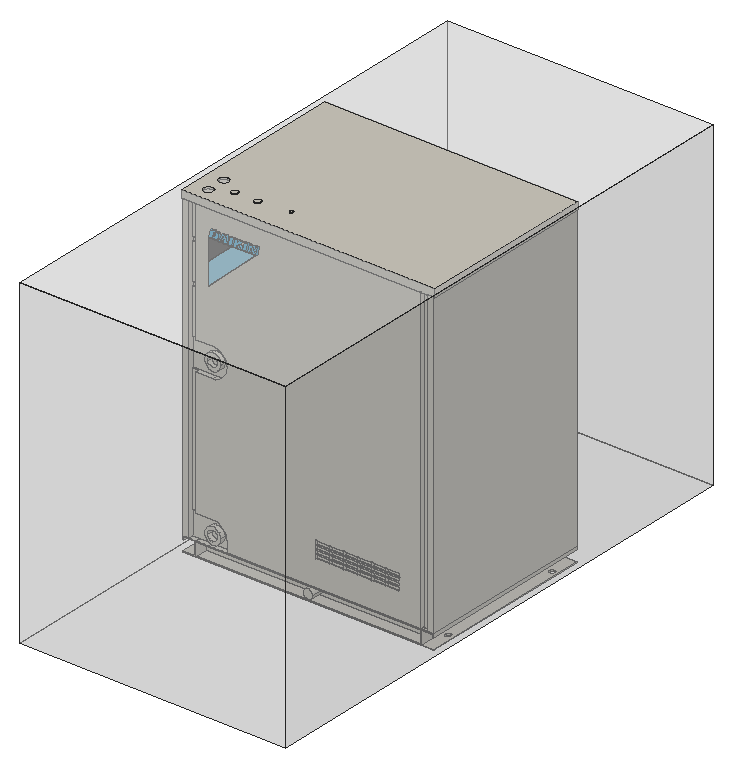
Revit family "outputfile", category 機械設備, Revit 2024
Family settings
  丸型コネクタ寸法 = 半径を使用
  種別 = なし
  パーツ タイプ = 標準
  OmniClass 番号 = 23.75.10.24.21.27.27
  OmniClass タイトル = Split System Air Conditioning Units
  作業面ベース = いいえ
  常に垂直 = はい
  ロード時にボイドで切り取り = いいえ
  注釈の向きを維持 = いいえ
  共有 = いいえ
  部屋計算ポイント = いいえ
Parameters (values of type "RWEYQ8TY1S")
  製造元 = "Daikin"
  書き出し IFC クラス(タイプ) = "IfcUnitaryEquipmentType"
  定義済み IFC タイプ(タイプ) = "AIRCONDITIONINGUNIT"
  モデル = "RWEYQ8TY1S"
  switch_unit1_6-8 = yes
  switch_unit1_12 = no
  switch_unit1_10 = no
  r_Water Outlet Pipe Connection_unit = Water Outlet Pipe Connection_Unit1 / 2  # 15.9 mm
  r_Water Inlet Pipe Connection_unit = Water Inlet Pipe Connection_Unit1 / 2  # 15.9 mm
  r_Drain Pipe Size = Drain Pipe Size / 2  # 6.35 mm
  lw_Water Outlet = 95.0 mm
  lw_Water Inlet = 95.0 mm
  lw_Drain = 390.0 mm
  angle_Drain [instance] = if(Rear Connection_Drain, 180.00°, 0.00°)  # 0.00°
  r_HP/LP Gas Pipe Size [instance] = [HP/LP Gas Pipe Size_Unit 1] / 2  # 9.55 mm
  lw_HP/LP Gas Pipe [instance] = if(Heat Pump, 178.0 mm, 107.0 mm)  # 178.0 mm
  ld_HP/LP Gas Pipe = 69.0 mm
  h_mountinghole = [h_***] + 2.3 mm  # 2.3 mm
  r_Liquid Pipe Size = Liquid Pipe Size_Unit 1 / 2  # 4.75 mm
  r_Gas Pipe Size = Gas Pipe Size_Unit 1 / 2  # 9.55 mm
  Water Outlet Pipe Connection_Unit1 = 31.8 mm
  Water Inlet Pipe Connection_Unit1 = 31.8 mm
  Voltage_comment_50Hz = "380-415"
  Voltage_50Hz = 400 V
  Top Connection_powersupply2 [instance] = not(Top Connection_powersupply1)  # no
  Sound Power Level (dB) = 70
  Rear Connection_Drain [instance] = not(Front Connection_Drain)  # no
  Power Input (Heating) = 3.980 kW
  Phase_50Hz = 3
  Nominal Heating Capacity = 25.000 kW
  Minimum Circuit Amps_50Hz = 13.6 A
  Maximum Fuse Amps_50Hz = 15.0 A
  Material_Heat Exchanger = DAIKIN_Blue_HE_outdoorunit
  Material_Casing = DAIKIN_IvoryWhite_Casing_outdoorunit
  lw_powersupply = 51.0 mm
  lw_liquidpipe = 274.0 mm
  lw_gaspipe [instance] = if(Heat Pump, 107.0 mm, 178.0 mm)  # 107.0 mm
  lh_powersupply = 940.0 mm
  ld_powersupply [instance] = if(Top Connection_powersupply1, 38.0 mm, 98.0 mm)  # 38.0 mm
  ld_liquidpipe = 79.0 mm
  ld_gaspipe = 69.0 mm
  h_*** = 0.0 mm
  Width = 780.0 mm
  Version = "ver.1.0"
  Unit Type = ""
  Unit Mass Weight = 146.00 kg
  Unit Designation [instance] = ""
  Uniclass2015Version = "Products v1.30"
  Uniclass2015Title = "Variable refrigerant flow units"
  Uniclass2015Code = "Pr_70_65_03_94"
  Total Cooling Capacity [instance] = 0.000 kW
  Sound Pressure Level (dBA) = 50
  Series = "VRV Heat Recovery"
  Refrigerant_Base Charge = 3.500 kg
  Refrigerant_Additional Charge [instance] = 0.000 kg
  Refrigerant Type = "R410A"
  Power Input (Cooling) = 3.860 kW
  Option Accessory 3 [instance] = ""
  Option Accessory 2 [instance] = ""
  Option Accessory 1 [instance] = ""
  Nominal Cooling Capacity = 22.400 kW
  Load Classification = HVAC
  Liquid Pipe Size_Unit 1 = 9.5 mm
  Link_Nested Family [instance] = ""
  IfcVersion = ""
  IfcExportType = "AIRCONDITIONINGUNIT"
  IfcExportAs = "IfcUnitaryEquipmentType"
  Height = 1000.0 mm
  Heat Recovery [instance] = not(Heat Pump)  # no
  Heat Pump [instance] = yes
  Heat Exchanger Type = "Stainless Steel Plate"
  HP/LP Gas Pipe Size_Unit 1 [instance] = if(and(Heat Pump, [switch_unit1_6-8]), 19.1 mm, if(and(Heat Pump, switch_unit1_10), 22.2 mm, if(and(Heat Pump, switch_unit1_12), 22.2 mm, if(and(Heat Recovery, [switch_unit1_6-8]), 15.9 mm, if(and(Heat Recovery, switch_unit1_10), 19.1 mm, if(and(Heat Recovery, switch_unit1_12), 19.1 mm, 19.1 mm))))))  # 19.1 mm
  Gas Pipe Size_Unit 1 = 19.1 mm
  Top Connection_powersupply1 [instance] = yes
  Front Connection_Drain [instance] = yes
  Frequency_50Hz = 50 Hz
  Drain Pipe Size = 12.7 mm
  Depth = 550.0 mm
  既定の高さ = 0.0 mm
  Cooling Ambient Wet Bulb Temperature [instance] = 0.00 °C
  Cooling Ambient Dry Bulb Temperature [instance] = 0.00 °C
  Compressor Type = "Hermetically Sealed Scroll Type"
  Clearance visibility [instance] = yes
  Clearance Top = 0.0 mm
  Clearance Right = 20.0 mm
  Clearance Rear = 500.0 mm
  Clearance Left = 20.0 mm
  Clearance Front = 600.0 mm
  Clearance Bottom = 0.0 mm
  CU Tag No. [instance] = ""
Reference planes
  plane 1 "Center (Front/Back)": y = 0
  plane 2 "h_***": z = 0
  plane 3 "Center (Left/Right)": x = 0
  plane 4 "Back": y = 275
  plane 5 "Front": y = -275
  plane 6 "Left": x = -390
  plane 7 "Right": x = 390
  plane 8 "Top": z = 1000
  plane 9 "Clearance Rear": y = 775
  plane 10 "Clearance Front": y = -875
  plane 11 "Clearance Left": x = -410
  plane 12 "Clearance Right": x = 410
  plane 13 "Clearance Top": z = 1000
  plane 14 "Clearance Bottom": z = 0
  plane 15 "Bottom": z = 0
  plane 16 "lw_powersupply": x = -339
  plane 17 "ld_powersupply": y = -237
  plane 18 "lw_liquidpipe": x = -116
  plane 19 "Rear Connection_refrigetant": y = -196
  plane 20 "lw_gaspipe": x = -283
  plane 21 "ld_gaspipe": y = -206
  plane 22 "lh_logo": z = 900
  plane 23 "lw_logo": x = 100
  plane 24 "lh_powersupply": z = 940
  plane 25 "lw_HP/LP Gas Pipe": x = -212
  plane 26 "ld_HP/LP Gas Pipe": y = -206
  plane 27 "lw_Water Inlet": x = -295
  plane 28 "lw_Water Outlet": x = -295
  plane 29 "lw_Drain": x = 0
Dimensions and locks
  equal spacing: plane 4 "Back", plane 1 "Center (Front/Back)", plane 5 "Front"
  "Depth": plane 4 "Back" to plane 5 "Front"
  equal spacing: plane 6 "Left", plane 3 "Center (Left/Right)", plane 7 "Right"
  "Width": plane 6 "Left" to plane 7 "Right"
  "Clearance Rear": plane 9 "Clearance Rear" to plane 4 "Back"
  "Clearance Front": plane 10 "Clearance Front" to plane 5 "Front"
  "Clearance Left": plane 11 "Clearance Left" to plane 6 "Left"
  "Clearance Right": plane 7 "Right" to plane 12 "Clearance Right"
  "Clearance Top": plane 13 "Clearance Top" to plane 8 "Top"
  "h_***": plane 15 "Bottom" to plane 2 "h_***"
  "Height": plane 8 "Top" to plane 15 "Bottom"
  "Clearance Bottom": plane 15 "Bottom" to plane 14 "Clearance Bottom"
  "ld_powersupply": plane 17 "ld_powersupply" to plane 5 "Front"
  "ld_liquidpipe": plane 19 "Rear Connection_refrigetant" to plane 5 "Front"
  "ld_gaspipe": plane 21 "ld_gaspipe" to plane 5 "Front"
  locked: plane 23 "lw_logo" to plane 7 "Right" at 290
  locked: plane 22 "lh_logo" to plane 15 "Bottom" at 900
  "lw_gaspipe": plane 6 "Left" to plane 20 "lw_gaspipe"
  "lw_liquidpipe": plane 6 "Left" to plane 18 "lw_liquidpipe"
  "lw_powersupply": plane 6 "Left" to plane 16 "lw_powersupply"
  "lh_powersupply": plane 24 "lh_powersupply" to plane 15 "Bottom"
  "lw_HP/LP Gas Pipe": plane 6 "Left" to plane 25 "lw_HP/LP Gas Pipe"
  "ld_HP/LP Gas Pipe": plane 26 "ld_HP/LP Gas Pipe" to plane 5 "Front"
  "lw_Water Inlet": plane 6 "Left" to plane 27 "lw_Water Inlet"
  "lw_Water Outlet": plane 6 "Left" to plane 28 "lw_Water Outlet"
  "lw_Drain": plane 6 "Left" to plane 29 "lw_Drain"
  aligned and locked: level to plane 2 "h_***"
  aligned and locked: plane 9 "Clearance Rear" to nested 2
  aligned and locked: nested 2 to plane 10 "Clearance Front"
  aligned and locked: plane 11 "Clearance Left" to nested 2
  aligned and locked: plane 12 "Clearance Right" to nested 2
  aligned and locked: plane 13 "Clearance Top" to nested 2
  aligned and locked: plane 14 "Clearance Bottom" to nested 2
  aligned and locked: plane 8 "Top" to nested 1
  aligned and locked: plane 22 "lh_logo" to nested 7
  aligned and locked: nested 8 to plane 16 "lw_powersupply"
  aligned and locked: nested 9 to plane 20 "lw_gaspipe"
  aligned and locked: nested 10 to plane 18 "lw_liquidpipe"
  aligned and locked: nested 10 to plane 19 "Rear Connection_refrigetant"
  aligned and locked: nested 9 to plane 21 "ld_gaspipe"
  aligned and locked: nested 8 to plane 17 "ld_powersupply"
  aligned and locked: plane 5 "Front" to nested 7
  aligned and locked: plane 24 "lh_powersupply" to nested 8
  aligned and locked: plane 1 "Center (Front/Back)" to nested 11
  aligned and locked: plane 1 "Center (Front/Back)" to nested 12
  aligned and locked: plane 1 "Center (Front/Back)" to nested 13
  aligned and locked: plane 27 "lw_Water Inlet" to nested 11
  aligned and locked: plane 28 "lw_Water Outlet" to nested 12
  aligned and locked: plane 29 "lw_Drain" to nested 13
  aligned and locked: plane 25 "lw_HP/LP Gas Pipe" to nested 14
  aligned and locked: nested 14 to plane 26 "ld_HP/LP Gas Pipe"
Nested families
  nested 1: "DAIKIN_outdoorunit_RWEYQ-TY1S" at (-31, 0, 0), h_*** <- "h_***", Link_Nest <- "Link_Nested Family", h_mountinghole <- "h_mountinghole", Width <- "Width", type "RWEYQ-TY1S"
    with show_fixedhole yes, h_mountinghole 2.3 mm, h_antenna_mountinghole 998.7 mm, h_*** 0.0 mm, array_bolt 5, Width 780.0 mm, Link_Nest "", Heat Recovery no, Heat Pump yes, HP/LP Pipe Size_Unit 1_L 178.0 mm, HP/LP Pipe Size_Unit 1 19.1 mm, Gas Pipe Size_Unit 1_L 107.0 mm
  nested 2: "daikin_clearancespace" at (0, -50, 500.119), visible <- "Clearance visibility", show <- "Clearance visibility", Link_Nested Family <- "Link_Nested Family", type "daikin_clearancespace"
    with width 820.0 mm, show yes, height 1000.0 mm, depth 1650.0 mm, Link_Nested Family ""
  nested 3: "daikin_mountinghole" at (-372, 200, 0), type "daikin_mountinghole"
    with show yes, l_antenna 998.7 mm, h_mountinghole 2.3 mm, Link_Nested Family ""
  nested 4: "daikin_mountinghole" at (372, 200, 0), type "daikin_mountinghole"
    with show yes, l_antenna 998.7 mm, h_mountinghole 2.3 mm, Link_Nested Family ""
  nested 5: "daikin_mountinghole" at (-372, -200, 0), type "daikin_mountinghole"
    with show yes, l_antenna 998.7 mm, h_mountinghole 2.3 mm, Link_Nested Family ""
  nested 6: "daikin_mountinghole" at (372, -200, 0), type "daikin_mountinghole"
    with show yes, l_antenna 998.7 mm, h_mountinghole 2.3 mm, Link_Nested Family ""
  nested 7: "daikin_logo_elevation_w150" at (-212.5, -275, 744.568), type "daikin_logo_elevation_w150"
    with show_logo yes
  nested 8: "daikin_connector_rotate3" at (-339, -237, 940) x (-1, 0, 0) z (0, 0, -1), type "daikin_connector_rotate3"
    with show no, radius 10.0 mm, length 60.0 mm, angle_vertical 0.00°, angle_horizontal 0.00°
  nested 9: "daikin_connector_rotate3" at (-283, -206, 940) x (-1, 0, 0) z (0, 0, -1), radius <- "r_Gas Pipe Size", type "daikin_connector_rotate3"
    with show no, radius 9.55 mm, length 60.0 mm, angle_vertical 0.00°, angle_horizontal 0.00°
  nested 10: "daikin_connector_rotate3" at (-116, -196, 940) x (-1, 0, 0) z (0, 0, -1), radius <- "r_Liquid Pipe Size", type "daikin_connector_rotate3"
    with show no, radius 4.75 mm, length 60.0 mm, angle_vertical 0.00°, angle_horizontal 0.00°
  nested 11: "daikin_connector_rotate3" at (-295, 0, 76), radius <- "r_Water Inlet Pipe Connection_unit", type "daikin_connector_rotate3"
    with show no, radius 15.9 mm, length 275.0 mm, angle_vertical 90.00°, angle_horizontal 0.00°
  nested 12: "daikin_connector_rotate3" at (-295, 0, 556), radius <- "r_Water Outlet Pipe Connection_unit", type "daikin_connector_rotate3"
    with show no, radius 15.9 mm, length 275.0 mm, angle_vertical 90.00°, angle_horizontal 0.00°
  nested 13: "daikin_connector_rotate3" at (0, 0, 19), angle_horizontal <- "angle_Drain", radius <- "r_Drain Pipe Size", type "daikin_connector_rotate3"
    with show no, radius 6.35 mm, length 275.0 mm, angle_vertical 90.00°, angle_horizontal 0.00°
  nested 14: "daikin_connector_rotate3" at (-212, -206, 940) x (1, 0, 0) z (0, 0, -1), radius <- "r_HP/LP Gas Pipe Size", type "daikin_connector_rotate3"
    with show no, radius 9.55 mm, length 60.0 mm, angle_vertical 0.00°, angle_horizontal 0.00°
Connectors
  piping at (-116, -196, 1000), diameter 9.5, driven by "r_Liquid Pipe Size"
    settings: on nested 10, index 12, connector inside diameter 609.6 mm, connector length 0.0 mm, flow factor 0, pipe flow 0.00 m³/h, pressure drop 0.0 Pa, fitting loss kfactor 0, connector angle 0.00°, fixture units 0, engagement length 0.0 mm, angle of deflection 0.00°, flow configuration 0, flow direction 2, fitting loss method 0, system type 29, joint type 0, gender type 0, connector reference index -1, connector utility 0, adjustable connector no, is connector primary no, connector description "Refrigerant Liquid Piping"
  electrical at (-339, -237, 1000), driven by "Load Classification"
    settings: on nested 8, index 13, voltage 0 V, apparent load 0 VA, apparent load phase1 0 VA, apparent load phase2 0 VA, apparent load phase3 0 VA, power factor 1, load classification "HVAC", number of poles 1, system type 30, power factor state 1, is connector primary yes, connector utility no, sub classification motor no, connector description "Power Supply"
  piping at (-295, -275, 556), diameter 31.8, driven by "r_Water Outlet Pipe Connection_unit"
    settings: on nested 12, index 15, connector inside diameter 609.6 mm, connector length 0.0 mm, flow factor 0, pipe flow 0.00 m³/h, pressure drop 0.0 Pa, fitting loss kfactor 0, connector angle 0.00°, fixture units 0, engagement length 0.0 mm, angle of deflection 0.00°, flow configuration 1, flow direction 2, fitting loss method 0, system type 8, joint type 0, gender type 0, connector reference index -1, connector utility 0, adjustable connector no, is connector primary no, connector description "Cooling Water Outlet Piping"
  piping at (-295, -275, 76), diameter 31.8, driven by "r_Water Inlet Pipe Connection_unit"
    settings: on nested 11, index 16, connector inside diameter 609.6 mm, connector length 0.0 mm, flow factor 0, pipe flow 0.00 m³/h, pressure drop 0.0 Pa, fitting loss kfactor 0, connector angle 0.00°, fixture units 0, engagement length 0.0 mm, angle of deflection 0.00°, flow configuration 1, flow direction 1, fitting loss method 0, system type 7, joint type 0, gender type 0, connector reference index -1, connector utility 0, adjustable connector no, is connector primary no, connector description "Cooling Water Inlet  Piping"
  piping at (0, -275, 19), diameter 12.7, driven by "r_Drain Pipe Size"
    settings: on nested 13, index 17, connector inside diameter 609.6 mm, connector length 0.0 mm, flow factor 0, pipe flow 0.00 m³/h, pressure drop 0.0 Pa, fitting loss kfactor 0, connector angle 0.00°, fixture units 0, engagement length 0.0 mm, angle of deflection 0.00°, flow configuration 1, flow direction 2, fitting loss method 4, system type 16, joint type 0, gender type 0, connector reference index -1, connector utility 0, adjustable connector no, is connector primary no, connector description "Condensate Drain Piping"
  piping at (-212, -206, 1000), diameter 19.1, driven by "r_HP/LP Gas Pipe Size"
    settings: on nested 14, index 19, connector inside diameter 609.6 mm, connector length 0.0 mm, flow factor 0, pipe flow 0.00 m³/h, pressure drop 0.0 Pa, fitting loss kfactor 0, connector angle 0.00°, fixture units 0, engagement length 0.0 mm, angle of deflection 0.00°, flow configuration 0, flow direction 0, fitting loss method 0, system type 29, joint type 0, gender type 0, connector reference index -1, connector utility 0, adjustable connector no, is connector primary no, connector description "Refrigerant HP/LP Gas Piping"
  piping at (-283, -206, 1000), diameter 19.1, driven by "r_Gas Pipe Size"
    settings: on nested 9, index 20, connector inside diameter 609.6 mm, connector length 0.0 mm, flow factor 0, pipe flow 0.00 m³/h, pressure drop 0.0 Pa, fitting loss kfactor 0, connector angle 0.00°, fixture units 0, engagement length 0.0 mm, angle of deflection 0.00°, flow configuration 0, flow direction 1, fitting loss method 0, system type 29, joint type 0, gender type 0, connector reference index -1, connector utility 0, adjustable connector no, is connector primary yes, connector description "Refrigerant Gas Piping"
Definition of nested family "DAIKIN_outdoorunit_RWEYQ-TY1S"
  Parameters (values of type "RWEYQ-TY1S")
    w_wiremesh_right = 668.0 mm  # constant formula
    w_wiremesh_left = 590.0 mm  # constant formula
    w_wiremesh_front = 248.0 mm  # constant formula
    switch_unit1_6-8 = yes
    switch_unit1_12 = no
    switch_unit1_10 = no
    show_fixedhole [instance] = yes
    material_heatexchanger = none
    material_casing = none
    ld_hole1_bottom = 154.0 mm  # constant formula
    h_wiremesh = 900.0 mm  # constant formula
    h_mountinghole [instance] = 2.3 mm
    h_antenna_mountinghole [instance] = Height + 1.0 mm - 2.3 mm  # 998.7 mm
    h_*** [instance] = 0.0 mm
    array_bolt [instance] = 5
    Width [instance] = 780.0 mm
    Liquid Pipe Size_Unit 1 = if([switch_unit1_6-8], 9.5 mm, if(switch_unit1_10, 9.5 mm, if(switch_unit1_12, 12.7 mm, 9.5 mm)))  # 9.5 mm
    Link_Nest [instance] = ""
    Height = 1000.0 mm
    Heat Recovery = not(Heat Pump)  # yes
    Heat Pump = no
    HP/LP Pipe Size_Unit 1_L = if(Heat Pump, 178.0 mm, 107.0 mm)  # 107.0 mm
    HP/LP Pipe Size_Unit 1 = if(Heat Recovery, if([switch_unit1_6-8], 15.9 mm, if(switch_unit1_10, 19.1 mm, if(switch_unit1_12, 19.1 mm, 15.9 mm))), if([switch_unit1_6-8], 19.1 mm, if(switch_unit1_10, 22.2 mm, if(switch_unit1_12, 22.2 mm, 19.1 mm))))  # 15.9 mm
    Gas Pipe Size_Unit 1_L = if(Heat Pump, 107.0 mm, 178.0 mm)  # 178.0 mm
    Gas Pipe Size_Unit 1_H = 60.0 mm  # constant formula
    Gas Pipe Size_Unit 1 = if([switch_unit1_6-8], 19.1 mm, if(switch_unit1_10, 22.2 mm, if(switch_unit1_12, 22.2 mm, 19.1 mm)))  # 19.1 mm
    Depth = 550.0 mm
    Default Elevation = 0.0 mm
  Reference planes
    plane 1 "Center (Front/Back)": y = 0
    plane 2 "reference_level": z = 0
    plane 3 "Center (Left/Right)": x = 31
    plane 4 "Bottom": z = 0
    plane 5: x = 421
    plane 6: x = -359
    plane 7 "Back": y = 275
    plane 8 "Front": y = -275
    plane 9: z = 1000
    plane 10: z = 976
    plane 11: y = -255
    plane 12: y = 255
    plane 13: x = -337
    plane 14: x = 399
    plane 15: x = -341
    plane 16: z = 45
    plane 17: x = 403
    plane 18: y = 200
    plane 19: y = -200
    plane 20: z = 1060
    plane 21: z = 19
    plane 22: z = 1000
    plane 23: z = 940
  Forms (mm)
    Extrusion 1, solid, material <- "material_heatexchanger"
      sketch origin (0, 0, 0) x (1, 0, 0) y (0, 1, 0)
        loop
          line (-337, 255) -> (-337, -255) -> (399, -255) -> (399, 255) -> (-337, 255)
      from 54 to 976
    Extrusion 2, void
      sketch origin (0, 350, 0) x (1, 0, 0) y (0, 1, 0)
        loop
          circle (-341, -150) r 8.5
        loop
          circle (403, -150) r 8.5
        loop
          circle (403, -550) r 8.5
        loop
          circle (-341, -550) r 8.5
      from 0 to 29.064
    Extrusion 3, solid, material <- "material_casing"
      sketch origin (620, -305, 0) x (-1, 0, 0) y (0, 0, 1)
        loop
          line (204.3, 35.061) -> (204.3, 42.7) -> (239.7, 42.7) -> (239.7, 2.3) -> (201, 2.3) -> (201, 0) -> (242, 0) -> (242, 45) -> (201, 45) -> (201, 35.061) -> (204.3, 35.061)
        loop
          line (973.7, 35.061) -> (977, 35.061) -> (977, 45) -> (936, 45) -> (936, 0) -> (977, 0) -> (977, 2.3) -> (938.3, 2.3) -> (938.3, 42.7) -> (973.7, 42.7) -> (973.7, 35.061)
      from 30 to 580
    Extrusion 4, solid, material <- "material_casing"
      sketch origin (31, 0, 0) x (0, 1, 0) y (0, 0, 1)
        loop
          line (-275, 45) -> (-275, 42.7) -> (-236.3, 42.7) -> (-236.3, 2.3) -> (-275, 2.3) -> (-275, 0) -> (-234, 0) -> (-234, 45) -> (-275, 45)
        loop
          line (275, 45) -> (234, 45) -> (234, 0) -> (275, 0) -> (275, 2.3) -> (236.3, 2.3) -> (236.3, 42.7) -> (275, 42.7) -> (275, 45)
      from -347 to 347
    Extrusion 5, solid, material <- "material_casing"
      sketch origin (0, 0, 0) x (1, 0, 0) y (0, 1, 0)
        loop
          circle (-85, -196) r 4.75
        loop
          circle (-252, -206) r 7.95
      from 940 to 1000
    Extrusion 6, solid, material <- "material_casing"
      sketch origin (-663.497, -190, 1200) x (-1, 0, 0) y (0, 0, 1)
        loop
          circle (-694.497, -1181) r 14
      from -85 to -46.3
    Extrusion 7, solid, material <- "material_casing"
      sketch origin (-663.497, 321.3, 1200) x (-1, 0, 0) y (0, 0, 1)
        loop
          circle (-694.497, -1181) r 14
      from -85 to -46.3
    Extrusion 8, solid, material <- "material_casing"
      sketch origin (0, -500, 0) x (1, 0, 0) y (0, 1, 0)
        loop
          circle (-181, 294) r 9.55
      from 940 to 1000
  Cuts and joins
    Extrusion 2 cuts Extrusion 3
  Dimensions and locks
    equal spacing: plane 6, plane 3 "Center (Left/Right)", plane 5
    "Width": plane 6 to plane 5
    locked: plane 9 to plane 10 at 24
    "Depth": plane 8 "Front" to plane 7 "Back"
    equal spacing: plane 7 "Back", plane 1 "Center (Front/Back)", plane 8 "Front"
    locked: plane 12 to plane 7 "Back" at 20
    locked: plane 11 to plane 8 "Front" at 20
    locked: plane 6 to plane 13 at 22
    locked: plane 14 to plane 5 at 22
    locked: plane 6 to plane 15 at 18
    "h_***": plane 4 "Bottom" to plane 2 "reference_level"
    locked: plane 16 to plane 4 "Bottom" at 45
    "Height": plane 9 to plane 4 "Bottom"
    locked: plane 5 to Extrusion 3 sketch curve at 2  (x2)
    locked: Extrusion 3 sketch curve to Extrusion 3 sketch curve at 41  (x2)
    locked: Extrusion 3 sketch curve to Extrusion 3 sketch curve at 3.3  (x2)
    locked: Extrusion 3 sketch curve to plane 6 at 2  (x2)
    locked: plane 8 "Front" to Extrusion 4 sketch curve at 41
    locked: Extrusion 4 sketch curve to plane 7 "Back" at 41
    locked: plane 17 to plane 5 at 18
    plane 19 to plane 8 "Front" = 75.0 mm
    locked: plane 18 to plane 7 "Back" at 75
    locked: Extrusion 5 sketch curve to plane 8 "Front" at 79
    locked: plane 6 to Extrusion 5 sketch curve at 274
    "HP/LP Pipe Size_Unit 1_L": plane 6 to Extrusion 5 sketch curve
    locked: Extrusion 5 sketch curve to plane 8 "Front" at 69
    locked: plane 20 to plane 9 at 60
    locked: plane 21 to plane 4 "Bottom" at 19
    locked: Extrusion 8 sketch curve to plane 8 "Front" at 69
    "Gas Pipe Size_Unit 1_L": plane 6 to Extrusion 8 sketch curve
    locked: plane 22 to plane 23 at 60
    "Gas Pipe Size_Unit 1_H": plane 20 to plane 22
    "HP/LP Pipe Size_Unit 1": diameter of Extrusion 5 sketch curve
    "Liquid Pipe Size_Unit 1": diameter of Extrusion 5 sketch curve
    "Gas Pipe Size_Unit 1": diameter of Extrusion 8 sketch curve
    aligned and locked: level to plane 2 "reference_level"
    aligned and locked: plane 12 to Extrusion 1 sketch curve
    aligned and locked: plane 11 to Extrusion 1 sketch curve
    aligned and locked: plane 13 to Extrusion 1 sketch curve
    aligned and locked: plane 14 to Extrusion 1 sketch curve
    aligned and locked: plane 10 to Extrusion 1
    aligned and locked: plane 11 to nested 1
    aligned and locked: plane 10 to nested 4
    aligned and locked: nested 5 to plane 9
    aligned and locked: plane 10 to nested 3
    aligned and locked: plane 10 to nested 2
    aligned and locked: plane 13 to nested 4
    aligned and locked: plane 14 to nested 2
    aligned and locked: plane 12 to nested 3
    aligned and locked: plane 15 to nested 7
    aligned and locked: plane 15 to nested 9
    aligned and locked: plane 8 "Front" to nested 5
    aligned and locked: plane 6 to nested 5
    aligned and locked: plane 10 to nested 1
    aligned and locked: plane 13 to nested 1
    aligned and locked: nested 2 to plane 1 "Center (Front/Back)"
    aligned and locked: nested 3 to plane 3 "Center (Left/Right)"
    aligned and locked: plane 1 "Center (Front/Back)" to nested 4
    aligned and locked: nested 6 to plane 3 "Center (Left/Right)"
    aligned and locked: plane 1 "Center (Front/Back)" to nested 6
    aligned and locked: plane 16 to Extrusion 3 sketch curve
    aligned and locked: Extrusion 3 sketch curve to plane 4 "Bottom"
    aligned and locked: Extrusion 3 sketch curve to plane 16
    aligned and locked: plane 4 "Bottom" to Extrusion 3 sketch curve
    aligned and locked: Extrusion 3 to plane 7 "Back"
    aligned and locked: Extrusion 3 to plane 8 "Front"
    aligned and locked: plane 8 "Front" to Extrusion 4 sketch curve  (x2)
    aligned and locked: plane 4 "Bottom" to Extrusion 4 sketch curve
    aligned and locked: Extrusion 4 sketch curve to plane 16
    aligned and locked: Extrusion 4 sketch curve to plane 7 "Back"  (x2)
    aligned and locked: plane 18 to Extrusion 2 sketch curve  (x2)
    aligned and locked: plane 15 to Extrusion 2 sketch curve  (x2)
    aligned and locked: plane 17 to Extrusion 2 sketch curve  (x2)
    aligned and locked: plane 17 to nested 8
    aligned and locked: plane 18 to nested 8
    aligned and locked: plane 18 to nested 7
    aligned and locked: nested 7 to plane 15
    aligned and locked: nested 9 to plane 19
    aligned and locked: nested 9 to plane 15
    aligned and locked: nested 10 to plane 19
    aligned and locked: plane 17 to nested 10
    aligned and locked: plane 19 to Extrusion 2 sketch curve  (x2)
    aligned and locked: plane 3 "Center (Left/Right)" to Extrusion 6 sketch curve
    aligned and locked: plane 21 to Extrusion 6 sketch curve
    aligned and locked: plane 22 to Extrusion 8
    aligned and locked: Extrusion 8 to plane 23
    aligned and locked: Extrusion 5 to plane 23
    aligned and locked: Extrusion 5 to plane 22
  Automatic sketch dimensions
    Extrusion 3 sketch curve to Extrusion 3 sketch curve = 2.3 mm  (x2)
    level to Extrusion 3 sketch curve = 2.3 mm  (x2)
    Extrusion 3 sketch curve to plane 16 = 9.939 mm  (x2)
    Extrusion 3 sketch curve to plane 16 = 2.3 mm  (x2)
    Extrusion 4 sketch curve to level = 0.0 mm
    Extrusion 4 sketch curve to plane 16 = 0.0 mm
    Extrusion 4 sketch curve to Extrusion 4 sketch curve = 2.3 mm  (x2)
    level to Extrusion 4 sketch curve = 2.3 mm  (x2)
    Extrusion 4 sketch curve to plane 16 = 2.3 mm  (x2)
    Extrusion 7 sketch curve to plane 3 "Center (Left/Right)" = 0.0 mm
    Extrusion 7 sketch curve to plane 21 = 0.0 mm
    radius of Extrusion 2 sketch curve = 8.5 mm  (x4)
    radius of Extrusion 6 sketch curve = 14.0 mm
    radius of Extrusion 7 sketch curve = 14.0 mm
  Nested families
    nested 1: "outdoorunit_frontpanel" at (-337, -265, 45), material <- "material_casing", type "frontpanel1"
      with material none
    nested 2: "outdoorunit_rightpanel1" at (409, -275, 45) x (0, 1, 0) z (0, 0, 1), material <- "material_casing", type "frontpanel1"
      with material none
    nested 3: "outdoorunit_backpanel" at (399, 265, 45) x (-1, 0, 0) z (0, 0, 1), material <- "material_casing", type "frontpanel1"
      with material none
    nested 4: "outdoorunit_leftpanel" at (-347, 275, 45) x (0, -1, 0) z (0, 0, 1), material <- "material_casing", type "frontpanel1"
      with material none
    nested 5: "outdoorunit_uppanel" at (-359, -275, 988) x (1, 0, 0) z (0, 1, 0), material <- "material_casing", type "frontpanel1"
      with material none
    nested 6: "outdoorunit_downpanel" at (399, 255, 56) x (-1, 0, 0) z (0, -1, 0), material <- "material_casing", type "frontpanel1"
      with material none
    nested 7: "daikin_mountinghole" at (-341, 200, 0), visible <- "show_fixedhole", Link_Nested Family <- "Link_Nest", l_antenna <- "h_antenna_mountinghole", h_mountinghole <- "h_mountinghole", type "daikin_mountinghole"
      with show yes, l_antenna 998.7 mm, h_mountinghole 2.3 mm, Link_Nested Family ""
    nested 8: "daikin_mountinghole" at (403, 200, 0), visible <- "show_fixedhole", Link_Nested Family <- "Link_Nest", l_antenna <- "h_antenna_mountinghole", h_mountinghole <- "h_mountinghole", type "daikin_mountinghole"
      with show yes, l_antenna 998.7 mm, h_mountinghole 2.3 mm, Link_Nested Family ""
    nested 9: "daikin_mountinghole" at (-341, -200, 0), visible <- "show_fixedhole", Link_Nested Family <- "Link_Nest", l_antenna <- "h_antenna_mountinghole", h_mountinghole <- "h_mountinghole", type "daikin_mountinghole"
      with show yes, l_antenna 998.7 mm, h_mountinghole 2.3 mm, Link_Nested Family ""
    nested 10: "daikin_mountinghole" at (403, -200, 0), visible <- "show_fixedhole", Link_Nested Family <- "Link_Nest", l_antenna <- "h_antenna_mountinghole", h_mountinghole <- "h_mountinghole", type "daikin_mountinghole"
      with show yes, l_antenna 998.7 mm, h_mountinghole 2.3 mm, Link_Nested Family ""
  Definition of nested family "outdoorunit_frontpanel"
    Parameters (values of type "frontpanel1")
      width = 736.0 mm
      material [instance] = none
      height1 = 931.0 mm
      depth = 20.0 mm
      Default Elevation = 0.0 mm
    Reference planes
      plane 1 "Center (Front/Back)": y = 0
      plane 2 "Bottom": z = 0
      plane 3: x = 0
      plane 4 "Back": y = 10
      plane 5 "Front": y = -10
      plane 6: x = 736
      plane 7 "Top": z = 931
      plane 8 "Left": x = 0
      plane 9 "Center L/S": y = 5
      plane 10 "Center L/T": y = -5
    Forms (mm)
      Extrusion 1, solid, material <- "material"
        sketch origin (0, 0, 0) x (1, 0, 0) y (0, 1, 0)
          loop
            line (0, 10) -> (0, -10) -> (736, -10) -> (736, 10) -> (0, 10)
        from 0 to 931
      Extrusion 2, void
        sketch origin (0, 0, 0) x (1, 0, 0) y (0, 0, 1)
          loop
            line (0, 931) -> (0, 0) -> (21, 0) -> (21, 931) -> (0, 931)
          loop
            line (736, 931) -> (715, 931) -> (715, 0) -> (736, 0) -> (736, 931)
        from 0 to 250
      Extrusion 3, void
        sketch origin (0, 0, 0) x (1, 0, 0) y (0, 0, 1)
          loop
            line (2, 931) -> (-33, 931) -> (-33, -14) -> (118, -14) -> (118, 31)
            arc (118, 31) -> (104.82, 62.82) -> (73, 76) r 45
            line (73, 76) -> (2, 76) -> (2, 466) -> (73, 466)
            arc (73, 466) -> (118, 511) -> (73, 556) r 45
            line (73, 556) -> (2, 556) -> (2, 692) -> (10.5, 692)
            arc (10.5, 692) -> (18, 699.5) -> (10.5, 707) r 7.5
            line (10.5, 707) -> (2, 707) -> (2, 817) -> (10.5, 817)
            arc (10.5, 817) -> (18, 824.5) -> (10.5, 832) r 7.5
            line (10.5, 832) -> (2, 832) -> (2, 931)
        from -5 to 250
      Extrusion 4, void
        sketch origin (0, 0, 0) x (1, 0, 0) y (0, 0, 1)
          loop
            line (734, 931) -> (734, 0) -> (972.161, 0) -> (972.161, 931) -> (734, 931)
        from -5 to 250
      Extrusion 5, solid, material <- "material"
        sketch origin (0, 0, 0) x (1, 0, 0) y (0, 0, 1)
          loop
            circle (73, 511) r 25
          loop
            circle (73, 511) r 15.5
          loop
            circle (73, 31) r 25
          loop
            circle (73, 31) r 15.5
        from -5 to 10
      Extrusion 6, void
        sketch origin (0, 0, 0) x (1, 0, 0) y (0, 0, 1)
          loop
            line (390.8, 131) -> (390.8, 118.75) -> (433.5, 118.75) -> (433.5, 131) -> (390.8, 131)
          loop
            line (390.8, 80) -> (433.5, 80) -> (433.5, 92.25) -> (390.8, 92.25) -> (390.8, 80)
          loop
            line (390.8, 117.75) -> (390.8, 106) -> (433.5, 106) -> (433.5, 117.75) -> (390.8, 117.75)
          loop
            line (390.8, 105) -> (390.8, 93.25) -> (433.5, 93.25) -> (433.5, 105) -> (390.8, 105)
          loop
            line (476.7, 131) -> (434.5, 131) -> (434.5, 118.75) -> (476.7, 118.75) -> (476.7, 131)
          loop
            line (434.5, 80) -> (476.7, 80) -> (476.7, 92.25) -> (434.5, 92.25) -> (434.5, 80)
          loop
            line (434.5, 117.75) -> (434.5, 106) -> (476.7, 106) -> (476.7, 117.75) -> (434.5, 117.75)
          loop
            line (434.5, 105) -> (434.5, 93.25) -> (476.7, 93.25) -> (476.7, 105) -> (434.5, 105)
          loop
            line (519.9, 131) -> (477.7, 131) -> (477.7, 118.75) -> (519.9, 118.75) -> (519.9, 131)
          loop
            line (477.7, 80) -> (519.9, 80) -> (519.9, 92.25) -> (477.7, 92.25) -> (477.7, 80)
          loop
            line (477.7, 117.75) -> (477.7, 106) -> (519.9, 106) -> (519.9, 117.75) -> (477.7, 117.75)
          loop
            line (477.7, 105) -> (477.7, 93.25) -> (519.9, 93.25) -> (519.9, 105) -> (477.7, 105)
          loop
            line (563.1, 131) -> (520.9, 131) -> (520.9, 118.75) -> (563.1, 118.75) -> (563.1, 131)
          loop
            line (520.9, 80) -> (563.1, 80) -> (563.1, 92.25) -> (520.9, 92.25) -> (520.9, 80)
          loop
            line (520.9, 117.75) -> (520.9, 106) -> (563.1, 106) -> (563.1, 117.75) -> (520.9, 117.75)
          loop
            line (520.9, 105) -> (520.9, 93.25) -> (563.1, 93.25) -> (563.1, 105) -> (520.9, 105)
          loop
            line (606.3, 131) -> (564.1, 131) -> (564.1, 118.75) -> (606.3, 118.75) -> (606.3, 131)
          loop
            line (564.1, 80) -> (606.3, 80) -> (606.3, 92.25) -> (564.1, 92.25) -> (564.1, 80)
          loop
            line (564.1, 117.75) -> (564.1, 106) -> (606.3, 106) -> (606.3, 117.75) -> (564.1, 117.75)
          loop
            line (564.1, 105) -> (564.1, 93.25) -> (606.3, 93.25) -> (606.3, 105) -> (564.1, 105)
          loop
            line (650, 131) -> (607.3, 131) -> (607.3, 118.75) -> (650, 118.75) -> (650, 131)
          loop
            line (607.3, 80) -> (650, 80) -> (650, 92.25) -> (607.3, 92.25) -> (607.3, 80)
          loop
            line (607.3, 117.75) -> (607.3, 106) -> (650, 106) -> (650, 117.75) -> (607.3, 117.75)
          loop
            line (607.3, 105) -> (607.3, 93.25) -> (650, 93.25) -> (650, 105) -> (607.3, 105)
        from 5 to 250
    Cuts and joins
      Extrusion 2, Extrusion 3, Extrusion 4, Extrusion 6 cuts Extrusion 1
    Dimensions and locks
      equal spacing: plane 4 "Back", plane 1 "Center (Front/Back)", plane 5 "Front"
      "depth": plane 4 "Back" to plane 5 "Front"
      "width": plane 8 "Left" to plane 6
      "height1": plane 7 "Top" to plane 2 "Bottom"
      locked: plane 8 "Left" to Extrusion 2 sketch curve at 21
      locked: Extrusion 2 sketch curve to plane 6 at 21
      locked: plane 9 "Center L/S" to plane 1 "Center (Front/Back)" at 5
      locked: Extrusion 3 sketch curve to Extrusion 3 sketch curve at 15  (x2)
      locked: plane 7 "Top" to Extrusion 3 sketch curve at 99
      locked: Extrusion 3 sketch curve to plane 8 "Left" at 10.5
      locked: Extrusion 3 sketch curve to Extrusion 3 sketch curve at 125
      locked: Extrusion 3 sketch curve to Extrusion 3 sketch curve at 90  (x2)
      locked: Extrusion 3 sketch curve to plane 8 "Left" at 73
      locked: Extrusion 3 sketch curve to Extrusion 3 sketch curve at 136
      locked: Extrusion 3 sketch curve to plane 2 "Bottom" at 76
      locked: Extrusion 3 sketch curve to Extrusion 3 sketch curve at 390
      locked: plane 6 to Extrusion 4 sketch curve at 2
      locked: plane 10 "Center L/T" to plane 1 "Center (Front/Back)" at 5
      aligned and locked: level to plane 2 "Bottom"
      aligned and locked: plane 8 "Left" to Extrusion 1 sketch curve
      aligned and locked: Extrusion 1 sketch curve to plane 4 "Back"
      aligned and locked: plane 5 "Front" to Extrusion 1 sketch curve
      aligned and locked: Extrusion 1 to plane 2 "Bottom"
      aligned and locked: plane 7 "Top" to Extrusion 1
      aligned and locked: plane 3 to plane 8 "Left"
      aligned and locked: plane 8 "Left" to Extrusion 2 sketch curve
      aligned and locked: Extrusion 2 sketch curve to plane 7 "Top"
      aligned and locked: plane 2 "Bottom" to Extrusion 2 sketch curve
      aligned and locked: Extrusion 2 sketch curve to plane 2 "Bottom"
      aligned and locked: plane 6 to Extrusion 2 sketch curve
      aligned and locked: plane 7 "Top" to Extrusion 2 sketch curve
      aligned and locked: Extrusion 2 to plane 1 "Center (Front/Back)"
      aligned and locked: plane 9 "Center L/S" to Extrusion 3
      aligned and locked: Extrusion 4 sketch curve to plane 7 "Top"
      aligned and locked: plane 2 "Bottom" to Extrusion 4 sketch curve
      aligned and locked: Extrusion 4 to plane 9 "Center L/S"
      aligned and locked: Extrusion 5 to plane 5 "Front"
      aligned and locked: plane 9 "Center L/S" to Extrusion 5
      aligned and locked: Extrusion 6 to plane 10 "Center L/T"
    Automatic sketch dimensions
      Extrusion 1 sketch curve to plane 6 = 0.0 mm
      Extrusion 3 sketch curve to plane 7 "Top" = 0.0 mm
      plane 3 to Extrusion 3 sketch curve = 2.0 mm  (x4)
      plane 3 to Extrusion 3 sketch curve = 10.5 mm
      Extrusion 3 sketch curve to Extrusion 3 sketch curve = 71.0 mm
      level to Extrusion 3 sketch curve = 31.0 mm
      Extrusion 3 sketch curve to plane 3 = 33.0 mm
      plane 6 to Extrusion 4 sketch curve = 236.161 mm
      Extrusion 5 sketch curve to Extrusion 5 sketch curve = 0.0 mm  (x4)
      plane 3 to Extrusion 5 sketch curve = 73.0 mm  (x2)
      level to Extrusion 5 sketch curve = 31.0 mm
      Extrusion 5 sketch curve to plane 7 "Top" = 420.0 mm
      level to Extrusion 6 sketch curve = 131.0 mm
      Extrusion 6 sketch curve to plane 6 = 345.2 mm
      Extrusion 6 sketch curve to Extrusion 6 sketch curve = 0.0 mm  (x40)
      Extrusion 6 sketch curve to Extrusion 6 sketch curve = 42.7 mm  (x2)
      Extrusion 6 sketch curve to Extrusion 6 sketch curve = 1.0 mm  (x32)
      Extrusion 6 sketch curve to Extrusion 6 sketch curve = 42.2 mm  (x4)
      Extrusion 6 sketch curve to Extrusion 6 sketch curve = 12.25 mm  (x7)
      Extrusion 6 sketch curve to Extrusion 6 sketch curve = 11.75 mm  (x9)
      radius of Extrusion 5 sketch curve = 25.0 mm  (x2)
      radius of Extrusion 5 sketch curve = 15.5 mm  (x2)
  Definition of nested family "outdoorunit_rightpanel1"
    Parameters (values of type "frontpanel1")
      width = 550.0 mm
      material [instance] = none
      height1 = 931.0 mm
      depth = 20.0 mm
      Default Elevation = 0.0 mm
    Reference planes
      plane 1 "Center (Front/Back)": y = 0
      plane 2 "Bottom": z = 0
      plane 3: x = 0
      plane 4 "Back": y = 10
      plane 5 "Front": y = -10
      plane 6: x = 550
      plane 7 "Top": z = 931
      plane 8 "Left": x = 0
      plane 9: y = -8.75
      plane 10: z = 639
      plane 11: y = -5.75
      plane 12: y = -2.551
      plane 13: y = -13
      plane 14: x = 275
    Forms (mm)
      Extrusion 1, solid, material <- "material"
        sketch origin (0, 0, 0) x (1, 0, 0) y (0, 1, 0)
          loop
            line (0, 10) -> (0, -10) -> (550, -10) -> (550, 10) -> (0, 10)
        from 0 to 931
    Dimensions and locks
      equal spacing: plane 4 "Back", plane 1 "Center (Front/Back)", plane 5 "Front"
      "depth": plane 4 "Back" to plane 5 "Front"
      "width": plane 8 "Left" to plane 6
      "height1": plane 7 "Top" to plane 2 "Bottom"
      locked: plane 10 to plane 2 "Bottom" at 639
      locked: plane 12 to plane 11 at 3.199
      plane 5 "Front" to plane 13 = 3.0 mm
      equal spacing: plane 8 "Left", plane 14, plane 6
      aligned and locked: level to plane 2 "Bottom"
      aligned and locked: plane 8 "Left" to Extrusion 1 sketch curve
      aligned and locked: Extrusion 1 sketch curve to plane 4 "Back"
      aligned and locked: plane 5 "Front" to Extrusion 1 sketch curve
      aligned and locked: Extrusion 1 to plane 2 "Bottom"
      aligned and locked: plane 7 "Top" to Extrusion 1
      aligned and locked: plane 3 to plane 8 "Left"
    Automatic sketch dimensions
      Extrusion 1 sketch curve to plane 6 = 0.0 mm
  Definition of nested family "outdoorunit_backpanel"
    Parameters (values of type "frontpanel1")
      width = 736.0 mm
      material [instance] = none
      height1 = 931.0 mm
      depth = 20.0 mm
      Default Elevation = 0.0 mm
    Reference planes
      plane 1 "Center (Front/Back)": y = 0
      plane 2 "Bottom": z = 0
      plane 3: x = 0
      plane 4 "Back": y = 10
      plane 5 "Front": y = -10
      plane 6: x = 736
      plane 7 "Top": z = 931
      plane 8 "Left": x = 0
      plane 9: z = 639
      plane 10: x = 368
    Forms (mm)
      Extrusion 1, solid, material <- "material"
        sketch origin (0, 0, 0) x (1, 0, 0) y (0, 1, 0)
          loop
            line (0, 10) -> (0, -10) -> (736, -10) -> (736, 10) -> (0, 10)
        from 0 to 931
      Extrusion 2, void
        sketch origin (0, 0, 0) x (1, 0, 0) y (0, 1, 0)
          loop
            line (0, -4) -> (0, -10) -> (21, -10) -> (21, -7) -> (2, -7) -> (2, -4) -> (0, -4)
          loop
            line (736, -4) -> (734, -4) -> (734, -7) -> (715, -7) -> (715, -10) -> (736, -10) -> (736, -4)
        from 0 to 931
    Cuts and joins
      Extrusion 2 cuts Extrusion 1
    Dimensions and locks
      equal spacing: plane 4 "Back", plane 1 "Center (Front/Back)", plane 5 "Front"
      "depth": plane 4 "Back" to plane 5 "Front"
      "width": plane 8 "Left" to plane 6
      "height1": plane 7 "Top" to plane 2 "Bottom"
      locked: plane 9 to plane 2 "Bottom" at 639
      equal spacing: plane 8 "Left", plane 10, plane 6
      aligned and locked: level to plane 2 "Bottom"
      aligned and locked: plane 8 "Left" to Extrusion 1 sketch curve
      aligned and locked: Extrusion 1 sketch curve to plane 4 "Back"
      aligned and locked: plane 5 "Front" to Extrusion 1 sketch curve
      aligned and locked: Extrusion 1 to plane 2 "Bottom"
      aligned and locked: plane 7 "Top" to Extrusion 1
      aligned and locked: plane 3 to plane 8 "Left"
    Automatic sketch dimensions
      Extrusion 1 sketch curve to plane 6 = 0.0 mm
      Extrusion 2 sketch curve to plane 3 = 0.0 mm
      Extrusion 2 sketch curve to plane 5 "Front" = 0.0 mm  (x2)
      Extrusion 2 sketch curve to plane 6 = 0.0 mm
      plane 3 to Extrusion 2 sketch curve = 2.0 mm
      Extrusion 2 sketch curve to Extrusion 2 sketch curve = 19.0 mm
      Extrusion 2 sketch curve to Extrusion 2 sketch curve = 21.0 mm
      Extrusion 2 sketch curve to plane 6 = 2.0 mm
      Extrusion 2 sketch curve to Extrusion 2 sketch curve = 3.0 mm  (x4)
  Definition of nested family "outdoorunit_leftpanel"
    Parameters (values of type "frontpanel1")
      width = 550.0 mm
      material [instance] = none
      height1 = 931.0 mm
      depth = 20.0 mm
      Default Elevation = 0.0 mm
    Reference planes
      plane 1 "Center (Front/Back)": y = 0
      plane 2 "Bottom": z = 0
      plane 3: x = 0
      plane 4 "Back": y = 10
      plane 5 "Front": y = -10
      plane 6: x = 550
      plane 7 "Top": z = 931
      plane 8 "Left": x = 0
      plane 9: y = -8.75
      plane 10: z = 639
      plane 11: y = -5.75
      plane 12: y = -2.551
      plane 13: y = -13
      plane 14: x = 275
    Forms (mm)
      Extrusion 1, solid, material <- "material"
        sketch origin (0, 0, 0) x (1, 0, 0) y (0, 1, 0)
          loop
            line (0, 10) -> (0, -10) -> (550, -10) -> (550, 10) -> (0, 10)
        from 0 to 931
    Dimensions and locks
      equal spacing: plane 4 "Back", plane 1 "Center (Front/Back)", plane 5 "Front"
      "depth": plane 4 "Back" to plane 5 "Front"
      "width": plane 8 "Left" to plane 6
      "height1": plane 7 "Top" to plane 2 "Bottom"
      locked: plane 10 to plane 2 "Bottom" at 639
      locked: plane 12 to plane 11 at 3.199
      plane 5 "Front" to plane 13 = 3.0 mm
      equal spacing: plane 8 "Left", plane 14, plane 6
      aligned and locked: level to plane 2 "Bottom"
      aligned and locked: plane 8 "Left" to Extrusion 1 sketch curve
      aligned and locked: Extrusion 1 sketch curve to plane 4 "Back"
      aligned and locked: plane 5 "Front" to Extrusion 1 sketch curve
      aligned and locked: Extrusion 1 to plane 2 "Bottom"
      aligned and locked: plane 7 "Top" to Extrusion 1
      aligned and locked: plane 3 to plane 8 "Left"
    Automatic sketch dimensions
      Extrusion 1 sketch curve to plane 6 = 0.0 mm
  Definition of nested family "outdoorunit_uppanel"
    Parameters (values of type "frontpanel1")
      width = 780.0 mm
      material [instance] = none
      height1 = 550.0 mm
      depth = 24.0 mm
      Default Elevation = 0.0 mm
    Reference planes
      plane 1 "Center (Front/Back)": y = 0
      plane 2 "Bottom": z = 0
      plane 3: x = 0
      plane 4 "Back": y = 12
      plane 5 "Front": y = -12
      plane 6: x = 780
      plane 7 "Top": z = 550
      plane 8 "Left": x = 0
      plane 9: y = -8.75
      plane 10: z = 639
      plane 11: y = -5.75
      plane 12: y = -2.551
    Forms (mm)
      Extrusion 1, solid, material <- "material"
        sketch origin (0, 0, 0) x (1, 0, 0) y (0, 1, 0)
          loop
            line (0, 12) -> (0, -12) -> (780, -12) -> (780, 12) -> (0, 12)
        from 0 to 550
      Extrusion 2, void
        sketch origin (0, 0, 0) x (1, 0, 0) y (0, 0, 1)
          loop
            circle (51, 38) r 14.5
          loop
            circle (51, 98) r 14.5
        from 9 to 12
    Cuts and joins
      Extrusion 2 cuts Extrusion 1
    Dimensions and locks
      equal spacing: plane 4 "Back", plane 1 "Center (Front/Back)", plane 5 "Front"
      "depth": plane 4 "Back" to plane 5 "Front"
      "width": plane 8 "Left" to plane 6
      "height1": plane 7 "Top" to plane 2 "Bottom"
      locked: plane 10 to plane 2 "Bottom" at 639
      locked: Extrusion 2 sketch curve to plane 8 "Left" at 51  (x2)
      locked: Extrusion 2 sketch curve to level at 38
      locked: Extrusion 2 sketch curve to Extrusion 2 sketch curve at 60
      aligned and locked: level to plane 2 "Bottom"
      aligned and locked: plane 8 "Left" to Extrusion 1 sketch curve
      aligned and locked: Extrusion 1 sketch curve to plane 4 "Back"
      aligned and locked: Extrusion 1 sketch curve to plane 5 "Front"
      aligned and locked: Extrusion 1 to plane 2 "Bottom"
      aligned and locked: plane 7 "Top" to Extrusion 1
      aligned and locked: plane 3 to plane 8 "Left"
    Automatic sketch dimensions
      Extrusion 1 sketch curve to plane 6 = 0.0 mm
      radius of Extrusion 2 sketch curve = 14.5 mm  (x2)
  Definition of nested family "outdoorunit_downpanel"
    Parameters (values of type "frontpanel1")
      width = 736.0 mm
      material [instance] = none
      height1 = 510.0 mm
      depth = 20.0 mm
      Default Elevation = 0.0 mm
    Reference planes
      plane 1 "Center (Front/Back)": y = 0
      plane 2 "Bottom": z = 0
      plane 3: x = 0
      plane 4 "Back": y = 10
      plane 5 "Front": y = -10
      plane 6: x = 736
      plane 7 "Top": z = 510
      plane 8 "Left": x = 0
      plane 9: z = 255
      plane 10: y = -18
      plane 11: y = 6
      plane 12: y = 8
      plane 13: x = 368
    Forms (mm)
      Extrusion 1, solid, material <- "material"
        sketch origin (0, 0, 0) x (1, 0, 0) y (0, 1, 0)
          loop
            line (0, 10) -> (0, -10) -> (736, -10) -> (736, 10) -> (0, 10)
        from 0 to 510
    Dimensions and locks
      equal spacing: plane 4 "Back", plane 1 "Center (Front/Back)", plane 5 "Front"
      "depth": plane 4 "Back" to plane 5 "Front"
      "width": plane 8 "Left" to plane 6
      "height1": plane 7 "Top" to plane 2 "Bottom"
      plane 4 "Back" to plane 11 = 4.0 mm
      plane 4 "Back" to plane 12 = 2.0 mm
      equal spacing: plane 8 "Left", plane 13, plane 6
      equal spacing: plane 7 "Top", plane 9, plane 2 "Bottom"
      aligned and locked: level to plane 2 "Bottom"
      aligned and locked: plane 8 "Left" to Extrusion 1 sketch curve
      aligned and locked: Extrusion 1 sketch curve to plane 4 "Back"
      aligned and locked: plane 5 "Front" to Extrusion 1 sketch curve
      aligned and locked: Extrusion 1 to plane 2 "Bottom"
      aligned and locked: plane 7 "Top" to Extrusion 1
      aligned and locked: plane 3 to plane 8 "Left"
    Automatic sketch dimensions
      Extrusion 1 sketch curve to plane 6 = 0.0 mm
  Definition of nested family "daikin_mountinghole"
    Parameters (values of type "daikin_mountinghole")
      Default Elevation = 1219.2 mm
      Type Comments = "mountinghole"
      show [instance] = yes
      material = none
      l_centerline = 100.0 mm
      l_antenna [instance] = 100.0 mm
      h_mountinghole [instance] = 0.0 mm
      d_circle = 30.0 mm
      Link_Nested Family [instance] = ""
    Reference planes
      plane 1 "Center (Front/Back)": y = 0
      plane 2: z = 0
      plane 3 "Center (Left/Right)": x = 0
      plane 4: y = 50
      plane 5: x = -50
      plane 6: x = 50
      plane 7: y = -50
      plane 8 "h_mountinghole": z = 0
      plane 9: z = 100
    Lines and regions (mm)
      model lines, detail levels fine
        curve 1: circle (0, 0, 0) r 15 normal (0, 0, 1)
        curve 2: line (-50, 0, 0) -> (50, 0, 0)
        curve 3: line (0, 50, 0) -> (0, -50, 0)
      symbolic lines, detail levels fine
        curve 4: circle (0, 0, 0) r 15 normal (0, 0, 1)
        curve 5: line (-50, 0, 0) -> (50, 0, 0)
        curve 6: line (0, 50, 0) -> (0, -50, 0)
      model lines
        curve 7: line (0, 0, 100) -> (0, 0, 0)
    Dimensions and locks
      equal spacing: plane 4, plane 1 "Center (Front/Back)", plane 7
      "l_centerline": plane 4 to plane 7
      equal spacing: plane 5, plane 3 "Center (Left/Right)", plane 6
      "l_centerline": plane 5 to plane 6
      "l_antenna": plane 9 to plane 8 "h_mountinghole"
      "h_mountinghole": plane 8 "h_mountinghole" to plane 2
      "d_circle": diameter of curve 1
      "d_circle": diameter of curve 4
      aligned and locked: level to plane 2
      aligned and locked: plane 1 "Center (Front/Back)" to curve 1
      aligned and locked: plane 3 "Center (Left/Right)" to curve 1
      aligned and locked: plane 1 "Center (Front/Back)" to curve 2
      aligned and locked: curve 3 to plane 3 "Center (Left/Right)"
      aligned and locked: plane 6 to curve 2
      aligned and locked: plane 5 to curve 2
      aligned and locked: plane 4 to curve 3
      aligned and locked: plane 7 to curve 3
      aligned and locked: plane 1 "Center (Front/Back)" to curve 4
      aligned and locked: plane 3 "Center (Left/Right)" to curve 4
      aligned and locked: plane 6 to curve 5
      aligned and locked: plane 5 to curve 5
      aligned and locked: plane 1 "Center (Front/Back)" to curve 5
      aligned and locked: plane 4 to curve 6
      aligned and locked: plane 7 to curve 6
      aligned and locked: curve 6 to plane 3 "Center (Left/Right)"
      aligned and locked: curve 7 to plane 3 "Center (Left/Right)"
      aligned and locked: plane 9 to curve 7
      aligned and locked: plane 8 "h_mountinghole" to curve 7
Definition of nested family "daikin_clearancespace"
  Parameters (values of type "daikin_clearancespace")
    Description = "daikin_clearancespace"
    width [instance] = 1823.963 mm
    show [instance] = yes
    material = none
    height [instance] = 1359.762 mm
    depth [instance] = 880.0 mm
    Default Elevation = 0.0 mm
    Link_Nested Family [instance] = ""
  Reference planes
    plane 1 "Center (Front/Back)": y = 0
    plane 2 "Center (Elevation)": z = -0.119
    plane 3 "Center (Left/Right)": x = 0
    plane 4: y = 440
    plane 5: y = -440
    plane 6 "Right": x = 911.982
    plane 7 "Left": x = -911.982
    plane 8 "Top": z = 679.762
    plane 9 "Bottom": z = -680
  Forms (mm)
    Extrusion 1, solid, material <- "material", visible <- "show"
      sketch origin (0, 0, 0) x (1, 0, 0) y (0, 1, 0)
        loop
          line (-911.982, 440) -> (-911.982, -440) -> (911.982, -440) -> (911.982, 440) -> (-911.982, 440)
      from -680 to 679.762
  Lines and regions (mm)
    symbolic lines, visible <- "show"
      curve 1: line (911.982, 440, 0) -> (-911.982, 440, 0)
      curve 2: line (-911.982, 440, 0) -> (-911.982, -440, 0)
      curve 3: line (-911.982, -440, 0) -> (911.982, -440, 0)
      curve 4: line (911.982, -440, 0) -> (911.982, 440, 0)
      curve 5: line (911.982, 0, 679.762) -> (-911.982, 0, 679.762)
      curve 6: line (911.982, 0, -680) -> (911.982, 0, 679.762)
      curve 7: line (-911.982, 0, -680) -> (911.982, 0, -680)
      curve 8: line (-911.982, 0, 679.762) -> (-911.982, 0, -680)
      curve 9: line (0, 440, 679.762) -> (0, -440, 679.762)
      curve 10: line (0, -440, 679.762) -> (0, -440, -680)
      curve 11: line (0, 440, -680) -> (0, 440, 679.762)
      curve 12: line (0, -440, -680) -> (0, 440, -680)
  Dimensions and locks
    "width": plane 7 "Left" to plane 6 "Right"
    "depth": plane 4 to plane 5
    "height": plane 8 "Top" to plane 9 "Bottom"
    equal spacing: plane 7 "Left", plane 3 "Center (Left/Right)", plane 6 "Right"
    equal spacing: plane 4, plane 1 "Center (Front/Back)", plane 5
    equal spacing: plane 8 "Top", plane 2 "Center (Elevation)", plane 9 "Bottom"
    aligned and locked: level to plane 2 "Center (Elevation)"
    aligned and locked: Extrusion 1 sketch curve to plane 4
    aligned and locked: plane 7 "Left" to Extrusion 1 sketch curve
    aligned and locked: Extrusion 1 sketch curve to plane 5
    aligned and locked: Extrusion 1 sketch curve to plane 6 "Right"
    aligned and locked: plane 8 "Top" to Extrusion 1
    aligned and locked: curve 1 to Extrusion 1
    aligned and locked: curve 2 to Extrusion 1
    aligned and locked: curve 3 to Extrusion 1
    aligned and locked: curve 4 to Extrusion 1
    aligned and locked: curve 5 to Extrusion 1
    aligned and locked: curve 6 to Extrusion 1
    aligned and locked: curve 7 to Extrusion 1
    aligned and locked: curve 8 to Extrusion 1
    aligned and locked: curve 9 to Extrusion 1
    aligned and locked: curve 10 to Extrusion 1
    aligned and locked: curve 11 to Extrusion 1
    aligned and locked: curve 12 to Extrusion 1
    aligned and locked: Extrusion 1 to plane 9 "Bottom"
Definition of nested family "daikin_logo_elevation_w150"
  Parameters (values of type "daikin_logo_elevation_w150")
    width = 150.0 mm
    show_logo [instance] = yes
    material = none
    height = 180.0 mm
    depth = 5.0 mm
    Default Elevation = 0.0 mm
  Reference planes
    plane 1 "Center (Front/Back)": y = 0
    plane 2: z = 0
    plane 3 "Center (Left/Right)": x = 0
    plane 4 "top": z = 180
    plane 5: z = 155.432
    plane 6 "left": x = -90
    plane 7 "right": x = 60
    plane 8: y = -5
  Forms (mm)
    Extrusion 1, solid, visible <- "show_logo"
      sketch origin (0, 0, 0) x (1, 0, 0) y (0, 0, 1)
        loop
          line (-90, 22.832) -> (54.211, 155.432) -> (-19.804, 155.432) -> (-90, 91.131) -> (-90, 22.832)
      from 0 to 5
    Extrusion 2, solid, visible <- "show_logo"
      sketch origin (0, 0, 0) x (1, 0, 0) y (0, 0, 1)
        loop
          line (-90, 155.432) -> (-90, 91.131) -> (-19.804, 155.432) -> (-90, 155.432)
      from 0 to 5
    Extrusion 3, solid, visible <- "show_logo"
      sketch origin (0, 0, 0) x (1, 0, 0) y (0, 0, 1)
        loop
          line (-73.294, 180) -> (-84.431, 180) -> (-90, 157.726) -> (-73.294, 157.726)
          arc (-73.294, 157.726) -> (-66.673, 159.069) -> (-61.582, 163.51) r 13.209
          arc (-61.582, 163.51) -> (-59.344, 169.288) -> (-60.109, 175.436) r 12.685
          arc (-60.109, 175.436) -> (-61.683, 177.678) -> (-64.031, 179.088) r 6.606
          arc (-64.031, 179.088) -> (-68.629, 179.878) -> (-73.294, 180) r 32.396
        loop
          line (-78.863, 162.18) -> (-74.408, 162.18)
          arc (-74.408, 162.18) -> (-70.986, 164.473) -> (-69.002, 168.082) r 8.708
          arc (-69.002, 168.082) -> (-68.734, 170.84) -> (-69.386, 173.533) r 8.337
          arc (-69.386, 173.533) -> (-70.358, 174.487) -> (-71.624, 174.988) r 3.442
          line (-71.624, 174.988) -> (-76.078, 174.988) -> (-78.863, 162.18)
        loop
          line (-61.043, 157.726) -> (-54.918, 157.726) -> (-52.829, 161.624) -> (-44.059, 161.624) -> (-43.223, 157.726) -> (-33.2, 157.726) -> (-37.655, 180) -> (-48.792, 180) -> (-61.043, 157.726)
        loop
          line (-50.145, 166.635) -> (-45.133, 166.635) -> (-46.565, 173.318) -> (-50.145, 166.635)
        loop
          line (-24.847, 180) -> (-30.416, 157.726) -> (-20.949, 157.726) -> (-15.38, 180) -> (-24.847, 180)
        loop
          line (-15.38, 157.726) -> (-5.914, 157.726) -> (-4.4, 163.779) -> (0.212, 157.726) -> (11.906, 157.726) -> (2.996, 169.42) -> (15.804, 180) -> (5.78, 180) -> (-1.94, 173.623) -> (-0.345, 180) -> (-9.812, 180) -> (-15.38, 157.726)
        loop
          line (20.259, 180) -> (14.133, 157.726) -> (24.157, 157.726) -> (29.725, 180) -> (20.259, 180)
        loop
          line (29.725, 157.726) -> (36.408, 157.726) -> (39.555, 170.315) -> (43.647, 157.726) -> (54.784, 157.726) -> (60.353, 180) -> (53.671, 180) -> (50.281, 166.442) -> (45.874, 180) -> (35.294, 180) -> (29.725, 157.726)
      from 0 to 5
  Dimensions and locks
    "height": plane 4 "top" to plane 2
    locked: plane 4 "top" to plane 5 at 24.568
    "width": plane 6 "left" to plane 7 "right"
    "depth": plane 8 to plane 1 "Center (Front/Back)"
    aligned and locked: level to plane 2
    aligned and locked: plane 4 "top" to Extrusion 3  (x8)
    aligned and locked: plane 5 to Extrusion 1
    aligned and locked: plane 5 to Extrusion 2
    aligned and locked: plane 6 "left" to Extrusion 2
    aligned and locked: plane 6 "left" to Extrusion 1
    aligned and locked: Extrusion 3 to plane 8
    aligned and locked: Extrusion 1 to plane 8
    aligned and locked: Extrusion 2 to plane 8
  Automatic sketch dimensions
    level to Extrusion 1 sketch curve = 22.832 mm
    Extrusion 1 sketch curve to Extrusion 1 sketch curve = 68.298 mm
    Extrusion 1 sketch curve to plane 4 "top" = 24.568 mm
    Extrusion 1 sketch curve to plane 3 "Center (Left/Right)" = 19.804 mm
    Extrusion 2 sketch curve to plane 4 "top" = 24.568 mm
    Extrusion 2 sketch curve to plane 3 "Center (Left/Right)" = 19.804 mm
    Extrusion 2 sketch curve to Extrusion 2 sketch curve = 64.302 mm
    Extrusion 3 sketch curve to plane 4 "top" = 0.0 mm  (x8)
    Extrusion 3 sketch curve to plane 4 "top" = 0.912 mm
    Extrusion 3 sketch curve to Extrusion 3 sketch curve = 2.154 mm
    Extrusion 3 sketch curve to Extrusion 3 sketch curve = 6.245 mm
    Extrusion 3 sketch curve to plane 4 "top" = 4.564 mm
    Extrusion 3 sketch curve to Extrusion 3 sketch curve = 5.748 mm
    Extrusion 3 sketch curve to Extrusion 3 sketch curve = 2.001 mm
    Extrusion 3 sketch curve to Extrusion 3 sketch curve = 4.603 mm
    Extrusion 3 sketch curve to Extrusion 3 sketch curve = 0.59 mm
    Extrusion 3 sketch curve to Extrusion 3 sketch curve = 0.07 mm
    Extrusion 3 sketch curve to Extrusion 3 sketch curve = 1.49 mm
    Extrusion 3 sketch curve to plane 4 "top" = 5.012 mm
    Extrusion 3 sketch curve to Extrusion 3 sketch curve = 3.556 mm
    Extrusion 3 sketch curve to Extrusion 3 sketch curve = 5.569 mm  (x3)
    Extrusion 3 sketch curve to Extrusion 3 sketch curve = 0.309 mm
    Extrusion 3 sketch curve to Extrusion 3 sketch curve = 4.455 mm  (x4)
    Extrusion 3 sketch curve to Extrusion 3 sketch curve = 0.288 mm
    Extrusion 3 sketch curve to Extrusion 3 sketch curve = 0.689 mm
    Extrusion 3 sketch curve to Extrusion 3 sketch curve = 2.238 mm
    Extrusion 3 sketch curve to Extrusion 3 sketch curve = 4.528 mm
    Extrusion 3 sketch curve to Extrusion 3 sketch curve = 0.658 mm
    Extrusion 3 sketch curve to Extrusion 3 sketch curve = 2.931 mm
    Extrusion 3 sketch curve to Extrusion 3 sketch curve = 0.357 mm
    Extrusion 3 sketch curve to Extrusion 3 sketch curve = 0.101 mm
    Extrusion 3 sketch curve to Extrusion 3 sketch curve = 11.317 mm
    Extrusion 3 sketch curve to Extrusion 3 sketch curve = 0.539 mm
    Extrusion 3 sketch curve to Extrusion 3 sketch curve = 11.137 mm  (x2)
    Extrusion 3 sketch curve to Extrusion 3 sketch curve = 5.784 mm
    Extrusion 3 sketch curve to Extrusion 3 sketch curve = 10.024 mm  (x3)
    Extrusion 3 sketch curve to Extrusion 3 sketch curve = 0.835 mm
    Extrusion 3 sketch curve to Extrusion 3 sketch curve = 8.771 mm
    Extrusion 3 sketch curve to Extrusion 3 sketch curve = 2.088 mm
    Extrusion 3 sketch curve to Extrusion 3 sketch curve = 3.898 mm
